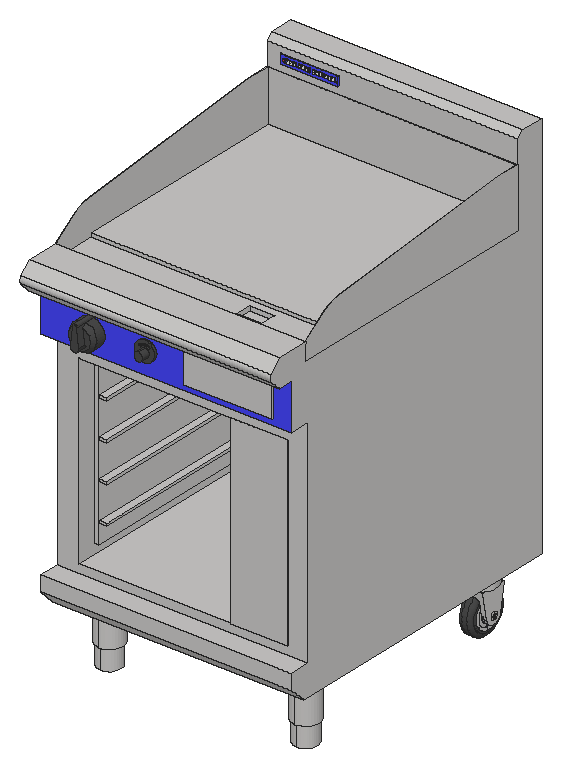
Revit family "QF_MOFFAT_BLUESEAL_CE_GP514-CB", category Specialty Equipment, Revit 2012
Parameters
  Weight in Pounds = 293  # constant formula
  Width [instance] = 600.00 mm
  URL Cutsheet = "www.moffat.com"
  URL = "www.moffat.com"
  Type Mark [instance] = ""
  Status [instance] = ""
  Specification by User [instance] = ""
  Specification by Manufacturer = ""
  Show Logo [instance] = yes
  Show Casters [instance] = yes
  Serial Number = ""
  Seismic Rating = ""
  SMACNA No = ""
  Revision Code [instance] = ""
  Omniclass Number and Title = ""
  NAFEM Spec ID Number = ""
  Model = "GP514-CB"
  Mechanical Remarks = ""
  Mechanical Connection Type = ""
  Masterspec = ""
  Manufacturer = "MOFFAT BLUESEAL"
  Legs [instance] = not(Show Casters)  # no
  Item Number [instance] = ""
  Installed By [instance] = ""
  Identify Quantity as Lot [instance] = yes
  Height = 1085.00 mm  # constant formula
  Gas Size = 3/4"
  Gas RI Height [instance] = 0.00 mm
  Gas KW = 14.9
  Gas Input = 50234.0 Btu/h
  Gas Connection Height = 0.00 mm
  Furnished By [instance] = ""
  Foodservice Equipment Identifier [instance] = yes
  Description = "600MM GAS GRIDDLE PLATE ON CABINET BASE"
  Depth [instance] = 812.00 mm  # constant formula
  CSI MasterFormat = ""
  CSI Master Format = ""
  Back Splash [instance] = 215.00 mm  # constant formula
Reference planes
  plane 1 "BACK": y = 0
  plane 2: z = 0
  plane 3 "LEFT": x = 0
  plane 4 "RIGHT": x = 600
  plane 5 "FRONT": y = -812
  plane 6 "TOP": z = 970
  plane 7 "Center Y": x = 300
  plane 8 "Center X": y = -406
  plane 9 "Base Height": z = 150
  plane 10: z = 915
  plane 11: x = 65
  plane 12: y = -625
  plane 13: y = -100
  plane 14: z = 655
  plane 15: y = -32
  plane 16: z = 1085
  plane 17: x = 535
Forms (mm)
  Extrusion 1, solid, material "QF_Finishes_Stainless Steel"
    sketch origin (0, 0, 0) x (0, 1, 0) y (0, 0, 1)
      loop
        line (-100, 150) -> (0, 150) -> (0, 1085) -> (-57.5, 1085) -> (-70, 1072.5) -> (-70, 875) -> (-705, 875) -> (-705, 915) -> (-783.97, 915) -> (-808.485, 890.485)
        arc (-808.485, 890.485) -> (-811.999, 882) -> (-808.485, 873.515) r 12
        line (-808.485, 873.515) -> (-784.97, 850) -> (-749, 850) -> (-749, 740) -> (-100, 740) -> (-100, 150)
      loop
        line (-749, 186) -> (-713, 150) -> (-699, 150) -> (-699, 222.5) -> (-749, 222.5) -> (-749, 186)
    from 0 to 600
  Revolve 2, solid, material "QF_Finishes_Stainless Steel", visible <- "Legs"
    sketch origin (533.871, -210, 0) x (0, 1, 0) y (0, 0, -1)
      loop
        line (78.25, -150) -> (110, -150) -> (110, 0) -> (82.5, 0) -> (82.5, -50) -> (78.25, -50) -> (78.25, -150)
      axis (110, -150) -> (110, 0)
    angle from 0 to 360
  Revolve 3, solid, material "QF_Finishes_Stainless Steel"
    sketch origin (535, -735, 0) x (0, 1, 0) y (0, 0, -1)
      loop
        line (78.25, -150) -> (110, -150) -> (110, 0) -> (82.5, 0) -> (82.5, -50) -> (78.25, -50) -> (78.25, -150)
      axis (110, -150) -> (110, 0)
    angle from 0 to 360
  Revolve 4, solid, material "QF_Finishes_Stainless Steel", visible <- "Legs"
    sketch origin (65, -210, 0) x (0, 1, 0) y (0, 0, -1)
      loop
        line (78.25, -150) -> (110, -150) -> (110, 0) -> (82.5, 0) -> (82.5, -50) -> (78.25, -50) -> (78.25, -150)
      axis (110, -150) -> (110, 0)
    angle from 0 to 360
  Revolve 5, solid, material "QF_Finishes_Stainless Steel"
    sketch origin (65, -735, 0) x (0, 1, 0) y (0, 0, -1)
      loop
        line (78.25, -150) -> (110, -150) -> (110, 0) -> (82.5, 0) -> (82.5, -50) -> (78.25, -50) -> (78.25, -150)
      axis (110, -150) -> (110, 0)
    angle from 0 to 360
  Revolve 6, solid, material "QF_Finishes_Black"
    sketch origin (127.677, 7, 597.816) x (0, 1, 0) y (0, 0, -1)
      loop
        line (-789, -229.5) -> (-766, -229.5) -> (-766, -202) -> (-756, -202) -> (-756, -197) -> (-800, -197) -> (-800, -223.651) -> (-789, -229.5)
      axis (-800, -197) -> (-756, -197)
    angle from 0 to 360
  Extrusion 7, solid, material "QF_Finishes_Black"
    sketch origin (265.947, 0, 597.973) x (-1, 0, 0) y (0, 0, -1)
      loop
        line (143.2, -228.94) -> (148.689, -184.854)
        arc (148.689, -184.854) -> (137.617, -174.355) -> (127.782, -186.021) r 10.487
        line (127.782, -186.021) -> (133.203, -228.94)
        arc (133.203, -228.94) -> (138.201, -233.827) -> (143.2, -228.94) r 5
    from 759 to 808
  Extrusion 8, solid, material "QF_Finishes_Stainless Steel"
    sketch origin (-150, -699, 685) x (1, 0, 0) y (0, -1, 0)
      loop
        circle (620, -668) r 9.525
    from -55 to 30
  Extrusion 9, solid, material "QF_Finishes_Stainless Steel"
    sketch origin (0, -100, 685) x (0, 0, 1) y (-1, 0, 0)
      loop
        line (-535, 0) -> (-535, -600) -> (55, -600) -> (55, 0) -> (-535, 0)
      loop
        line (0, -50) -> (-442.5, -50) -> (-442.5, -550) -> (0, -550) -> (0, -50)
    from 0 to 599
  Extrusion 10, solid, material "QF_Finishes_Stainless Steel"
    sketch origin (0, -100, 685) x (0, 0, 1) y (-1, 0, 0)
      loop
        line (-280.675, -61.8) -> (-280.675, -80.8) -> (-274.325, -80.8) -> (-274.325, -61.8) -> (-280.675, -61.8)
      loop
        line (-184.325, -80.8) -> (-184.325, -61.8) -> (-190.675, -61.8) -> (-190.675, -80.8) -> (-184.325, -80.8)
      loop
        line (-370.675, -61.8) -> (-370.675, -80.8) -> (-364.325, -80.8) -> (-364.325, -61.8) -> (-370.675, -61.8)
      loop
        line (-94.325, -80.8) -> (-94.325, -61.8) -> (-100.675, -61.8) -> (-100.675, -80.8) -> (-94.325, -80.8)
      loop
        line (-280.675, -403.2) -> (-274.325, -403.2) -> (-274.325, -384.2) -> (-280.675, -384.2) -> (-280.675, -403.2)
      loop
        line (-184.325, -384.2) -> (-190.675, -384.2) -> (-190.675, -403.2) -> (-184.325, -403.2) -> (-184.325, -384.2)
      loop
        line (-370.675, -403.2) -> (-364.325, -403.2) -> (-364.325, -384.2) -> (-370.675, -384.2) -> (-370.675, -403.2)
      loop
        line (-94.325, -384.2) -> (-100.675, -384.2) -> (-100.675, -403.2) -> (-94.325, -403.2) -> (-94.325, -384.2)
    from 0 to 554
  Extrusion 11, void
    sketch origin (-150, 0, 150) x (-1, 0, 0) y (0, -1, 0)
      loop
        line (-685.614, 87.26) -> (-685.614, -30.24) -> (-481.114, -30.24) -> (-481.114, 38.76) -> (-529.614, 87.26) -> (-685.614, 87.26)
    from 72.5 to 590
  Revolve 12, solid, material "QF_Finishes_Stainless Steel", visible <- "Legs"
    sketch origin (65, -165, 0) x (0, 1, 0) y (0, 0, 1)
      loop
        line (34.25, 150) -> (34.25, 50) -> (38.5, 50) -> (38.5, 0) -> (66, 0) -> (66, 150) -> (34.25, 150)
      axis (66, 150) -> (66, 0)
    angle from 0 to 360
  Revolve 13, solid, material "QF_Finishes_Stainless Steel", visible <- "Legs"
    sketch origin (534.871, -165, 0) x (0, 1, 0) y (0, 0, -1)
      loop
        line (34.25, -150) -> (66, -150) -> (66, 0) -> (38.5, 0) -> (38.5, -50) -> (34.25, -50) -> (34.25, -150)
      axis (66, -150) -> (66, 0)
    angle from 0 to 360
  Revolve 14, solid, material "QF_Finishes_Stainless Steel", visible <- "Show Casters"
    sketch origin (15.776, -99.755, -13.653) x (1, 0, 0) y (0, 0, 1)
      loop
        line (14.841, 63.604) -> (83.584, 63.604) -> (83.584, 67.109) -> (82.314, 68.379) -> (80.79, 68.379) -> (80.79, 71.826) -> (68.644, 71.826) -> (68.644, 81.79) -> (65.088, 83.843) -> (63.738, 92.179) -> (65.881, 92.179) -> (65.881, 98.529) -> (65.088, 98.529) -> (65.088, 104.879)
        arc (65.088, 104.879) -> (62.298, 111.614) -> (55.563, 114.404) r 9.525
        line (55.563, 114.404) -> (42.863, 114.404)
        arc (42.863, 114.404) -> (36.127, 111.614) -> (33.338, 104.879) r 9.525
        line (33.338, 104.879) -> (33.338, 98.529) -> (32.544, 98.529) -> (32.544, 92.179) -> (34.687, 92.179) -> (33.352, 83.932) -> (29.782, 81.871) -> (29.782, 71.826) -> (17.635, 71.826) -> (17.635, 68.379) -> (16.111, 68.379) -> (14.841, 67.109) -> (14.841, 63.604)
      axis (14.841, 63.604) -> (83.584, 63.604)
    angle from 0 to 360
  Extrusion 15, solid, material "QF_Finishes_Stainless Steel", visible <- "Show Casters"
    sketch origin (71.501, 133.353, -8.783) x (0, 1, 0) y (0, 0, 1)
      loop
        line (-200.603, 118.783) -> (-264.103, 118.783) -> (-251.746, 53.895)
        arc (-251.746, 53.895) -> (-232.353, 38.783) -> (-212.959, 53.895) r 20
        line (-212.959, 53.895) -> (-200.603, 118.783)
    from -35.667 to 22.923
  Revolve 16, solid, material "QF_Finishes_Stainless Steel", visible <- "Show Casters"
    sketch origin (65, -203, 0) x (0, 1, 0) y (0, 0, 1)
      loop
        line (68.25, 150) -> (68.25, 110) -> (104, 110) -> (104, 150) -> (68.25, 150)
      axis (104, 150) -> (104, 110)
    angle from 0 to 360
  Revolve 17, solid, material "QF_Finishes_Stainless Steel", visible <- "Legs"
    sketch origin (65, -165, 0) x (0, 1, 0) y (0, 0, 1)
      loop
        line (34.25, 150) -> (34.25, 50) -> (38.5, 50) -> (38.5, 0) -> (66, 0) -> (66, 150) -> (34.25, 150)
      axis (66, 150) -> (66, 0)
    angle from 0 to 360
  Revolve 18, solid, material "QF_Finishes_Stainless Steel", visible <- "Show Casters"
    sketch origin (335.648, -99.755, -13.653) x (1, 0, 0) y (0, 0, 1)
      loop
        line (164.841, 63.604) -> (233.584, 63.604) -> (233.584, 67.109) -> (232.314, 68.379) -> (230.79, 68.379) -> (230.79, 71.826) -> (218.644, 71.826) -> (218.644, 81.79) -> (215.088, 83.843) -> (213.738, 92.179) -> (215.881, 92.179) -> (215.881, 98.529) -> (215.088, 98.529) -> (215.088, 104.879)
        arc (215.088, 104.879) -> (212.298, 111.614) -> (205.563, 114.404) r 9.525
        line (205.563, 114.404) -> (192.863, 114.404)
        arc (192.863, 114.404) -> (186.127, 111.614) -> (183.338, 104.879) r 9.525
        line (183.338, 104.879) -> (183.338, 98.529) -> (182.544, 98.529) -> (182.544, 92.179) -> (184.687, 92.179) -> (183.352, 83.932) -> (179.782, 81.871) -> (179.782, 71.826) -> (167.635, 71.826) -> (167.635, 68.379) -> (166.111, 68.379) -> (164.841, 67.109) -> (164.841, 63.604)
      axis (233.584, 63.604) -> (164.841, 63.604)
    angle from 0 to 360
  Extrusion 19, solid, material "QF_Finishes_Stainless Steel", visible <- "Show Casters"
    sketch origin (541.372, 133.353, -8.783) x (0, 1, 0) y (0, 0, 1)
      loop
        line (-200.603, 118.783) -> (-264.103, 118.783) -> (-251.746, 53.895)
        arc (-251.746, 53.895) -> (-232.353, 38.783) -> (-212.959, 53.895) r 20
        line (-212.959, 53.895) -> (-200.603, 118.783)
    from -35.667 to 22.923
  Revolve 20, solid, material "QF_Finishes_Stainless Steel", visible <- "Show Casters"
    sketch origin (534.871, -203, 0) x (0, 1, 0) y (0, 0, 1)
      loop
        line (68.25, 150) -> (68.25, 110) -> (104, 110) -> (104, 150) -> (68.25, 150)
      axis (104, 150) -> (104, 110)
    angle from 0 to 360
  Extrusion 21, solid, material "QF_Finishes_Stainless Steel"
    sketch origin (0, 0, 0) x (1, 0, 0) y (0, 0, 1)
      loop
        line (61.8, 657.5) -> (50, 657.5) -> (50, 267.5) -> (61.8, 267.5) -> (61.8, 657.5)
      loop
        line (403.2, 657.5) -> (403.2, 267.5) -> (415, 267.5) -> (415, 657.5) -> (403.2, 657.5)
    from 0 to 654
  Extrusion 22, solid, material "QF_Finishes_Black"
    sketch origin (-57.5, -749, 864.021) x (0, 0, -1) y (1, 0, 0)
      loop
        circle (70, 310) r 24
      loop
        arc (60.1, 324.913) -> (52.064, 310.125) -> (59.882, 295.219) r 17.868
        arc (59.882, 295.219) -> (60.362, 294.934) -> (60.877, 295.149) r 0.621
        arc (60.877, 295.149) -> (62.314, 297.708) -> (62.658, 300.622) r 7.495
        arc (62.658, 300.622) -> (62.454, 301.55) -> (62.006, 302.388) r 3.472
        arc (62.006, 302.388) -> (59.714, 309.851) -> (61.844, 317.362) r 13.786
        arc (61.844, 317.362) -> (62.484, 318.632) -> (62.749, 320.028) r 5.101
        arc (62.749, 320.028) -> (62.378, 322.547) -> (61.084, 324.739) r 6.611
        arc (61.084, 324.739) -> (60.622, 324.997) -> (60.1, 324.913) r 0.806
    from 0 to 5
  Extrusion 23, solid, material "QF_Finishes_Black"
    sketch origin (-57.5, -754, 864.021) x (0, 0, -1) y (1, 0, 0)
      loop
        circle (73.5, 310) r 10
    from 0 to 18.251
  Extrusion 24, solid, material "QF_Finishes_Stainless Steel"
    sketch origin (450, -749, 867.771) x (0, 0, -1) y (1, 0, 0)
      loop
        line (26.5, -105) -> (113.5, -105) -> (113.5, 105) -> (26.5, 105) -> (26.5, -105)
    from 0 to 2.5
  Extrusion 25, solid, material "QF_Finishes_Stainless Steel"
    sketch origin (450, 0, 1.771) x (0, -1, 0) y (0, 0, 1)
      loop
        line (751.5, 839.5) -> (751.5, 837) -> (769.695, 837) -> (769.695, 839.5) -> (751.5, 839.5)
    from -105 to 105
  Extrusion 26, solid, material "QF_Finishes_Stainless Steel"
    sketch origin (0, -749, 850) x (0, 0, -1) y (1, 0, 0)
      loop
        line (607.5, 550) -> (165, 550) -> (165, 414.5) -> (607.5, 414.5) -> (607.5, 550)
    from -50 to -649
Cuts and joins
  Extrusion 11 cuts Extrusion 1
  joined: Extrusion 1, Extrusion 9
Lines and regions (mm)
  Split face 1
    outline origin (600, 0, 1085) x (-1, 0, 0) y (0, -1, 0)
      loop
        arc (335.206, 45.385) -> (326.545, 40.385) -> (326.545, 30.385) r 10
        line (326.545, 30.385) -> (330.587, 23.385)
        arc (330.587, 23.385) -> (334.247, 19.725) -> (339.247, 18.385) r 10
        line (339.247, 18.385) -> (567.206, 18.385)
        arc (567.206, 18.385) -> (575.866, 23.385) -> (575.866, 33.385) r 10
        line (575.866, 33.385) -> (571.824, 40.385)
        arc (571.824, 40.385) -> (568.164, 44.045) -> (563.164, 45.385) r 10
        line (563.164, 45.385) -> (335.206, 45.385)
  Split face 2
    outline origin (600, 0, 1085) x (-1, 0, 0) y (0, -1, 0)
      loop
        arc (35.206, 45.385) -> (26.545, 40.385) -> (26.545, 30.385) r 10
        line (26.545, 30.385) -> (30.587, 23.385)
        arc (30.587, 23.385) -> (34.247, 19.725) -> (39.247, 18.385) r 10
        line (39.247, 18.385) -> (267.206, 18.385)
        arc (267.206, 18.385) -> (275.866, 23.385) -> (275.866, 33.385) r 10
        line (275.866, 33.385) -> (271.824, 40.385)
        arc (271.824, 40.385) -> (268.164, 44.045) -> (263.164, 45.385) r 10
        line (263.164, 45.385) -> (35.206, 45.385)
  symbolic lines
    curve 1: line (0, 0, 0) -> (0, -812, 0)
    curve 2: line (600, 0, 0) -> (0, 0, 0)
    curve 3: line (600, -812, 0) -> (600, 0, 0)
    curve 4: line (0, -812, 0) -> (600, -812, 0)
    curve 9: line (0, -57.5, 150) -> (600, -57.5, 150)
    curve 10: line (0, -70, 150) -> (600, -70, 150)
    curve 11: line (0, -783.97, 150) -> (600, -783.97, 150)
    curve 12: line (260.753, -18.385, 150) -> (32.794, -18.385, 150)
    curve 13: arc (32.794, -18.385, 150) -> (24.134, -23.385, 150) -> (24.134, -33.385, 150) r 10
    curve 14: line (24.134, -33.385, 150) -> (28.176, -40.385, 150)
    curve 15: arc (28.176, -40.385, 150) -> (31.836, -44.045, 150) -> (36.836, -45.385, 150) r 10
    curve 16: line (36.836, -45.385, 150) -> (264.794, -45.385, 150)
    curve 17: arc (264.794, -45.385, 150) -> (273.455, -40.385, 150) -> (273.455, -30.385, 150) r 10
    curve 18: line (273.455, -30.385, 150) -> (269.413, -23.385, 150)
    curve 19: arc (269.413, -23.385, 150) -> (265.753, -19.725, 150) -> (260.753, -18.385, 150) r 10
    curve 20: line (560.753, -18.385, 150) -> (332.794, -18.385, 150)
    curve 21: arc (332.794, -18.385, 150) -> (324.134, -23.385, 150) -> (324.134, -33.385, 150) r 10
    curve 22: line (324.134, -33.385, 150) -> (328.176, -40.385, 150)
    curve 23: arc (328.176, -40.385, 150) -> (331.836, -44.045, 150) -> (336.836, -45.385, 150) r 10
    curve 24: line (336.836, -45.385, 150) -> (564.794, -45.385, 150)
    curve 25: arc (564.794, -45.385, 150) -> (573.455, -40.385, 150) -> (573.455, -30.385, 150) r 10
    curve 26: line (573.455, -30.385, 150) -> (569.413, -23.385, 150)
    curve 27: arc (569.413, -23.385, 150) -> (565.753, -19.725, 150) -> (560.753, -18.385, 150) r 10
  symbolic lines, style "SpecialityEquipmentHiddenLines", visible <- "Show Casters"
    curve 5: line (78.456, -46.735, 0) -> (105.952, -62.61, 0)
    curve 6: line (27.656, -134.723, 0) -> (78.456, -46.735, 0)
    curve 7: line (55.152, -150.598, 0) -> (27.656, -134.723, 0)
    curve 8: line (105.952, -62.61, 0) -> (55.152, -150.598, 0)
Dimensions and locks
  equal spacing: plane 3 "LEFT", plane 7 "Center Y", plane 4 "RIGHT"
  "Width": plane 3 "LEFT" to plane 4 "RIGHT"
  equal spacing: plane 5 "FRONT", plane 8 "Center X", plane 1 "BACK"
  "Depth": plane 5 "FRONT" to plane 1 "BACK"
  locked: plane 10 to level at 915
  locked: plane 9 "Base Height" to level at 150
  plane 6 "TOP" to plane 10 = 55.00 mm
  plane 12 to plane 13 = 525.00 mm
  plane 14 to level = 655.00 mm
  plane 15 to plane 1 "BACK" = 32.00 mm
  "Height": plane 16 to plane 2
  Revolve 14 sketch curve to Revolve 14 sketch curve = 50.80 mm
  Revolve 18 sketch curve to Revolve 18 sketch curve = 50.80 mm
  Extrusion 8 sketch curve to plane 1 "BACK" = 31.00 mm
  aligned and locked: level to plane 2
Automatic sketch dimensions
  Extrusion 1 sketch curve to plane 10 = 0.00 mm
  Extrusion 1 sketch curve to plane 9 "Base Height" = 0.00 mm  (x2)
  Extrusion 1 sketch curve to plane 13 = 0.00 mm
  Extrusion 1 sketch curve to plane 16 = 0.00 mm
  Extrusion 1 sketch curve to plane 1 "BACK" = 0.00 mm
  Extrusion 1 sketch curve to plane 12 = 74.00 mm
  Extrusion 1 sketch curve to plane 10 = 40.00 mm
  Extrusion 1 sketch curve to plane 12 = 80.00 mm
  Extrusion 1 sketch curve to Extrusion 1 sketch curve = 14.00 mm
  Extrusion 1 sketch curve to Extrusion 1 sketch curve = 36.00 mm
  Extrusion 1 sketch curve to plane 5 "FRONT" = 63.00 mm
  Extrusion 1 sketch curve to plane 5 "FRONT" = 28.03 mm
  Extrusion 1 sketch curve to plane 5 "FRONT" = 27.03 mm
  Extrusion 1 sketch curve to plane 5 "FRONT" = 12.001 mm
  Extrusion 1 sketch curve to plane 5 "FRONT" = 3.515 mm  (x2)
  plane 13 to Extrusion 1 sketch curve = 30.00 mm
  Extrusion 1 sketch curve to Extrusion 1 sketch curve = 12.50 mm
  plane 9 "Base Height" to Extrusion 1 sketch curve = 36.00 mm
  Extrusion 1 sketch curve to Extrusion 1 sketch curve = 36.50 mm
  plane 14 to Extrusion 1 sketch curve = 85.00 mm
  Extrusion 1 sketch curve to Extrusion 1 sketch curve = 25.00 mm
  Extrusion 1 sketch curve to Extrusion 1 sketch curve = 23.515 mm
  Extrusion 1 sketch curve to Extrusion 1 sketch curve = 8.485 mm
  Extrusion 1 sketch curve to plane 16 = 12.50 mm
  Revolve 2 sketch curve to plane 9 "Base Height" = 0.00 mm
  Revolve 2 sketch curve to level = 0.00 mm
  Revolve 2 sketch curve to plane 13 = 0.00 mm  (x2)
  Revolve 2 sketch curve to plane 13 = 27.50 mm
  Revolve 2 sketch curve to plane 13 = 31.75 mm
  level to Revolve 2 sketch curve = 50.00 mm
  Revolve 2 sketch curve to Revolve 2 sketch curve = 0.00 mm
  Revolve 2 sketch curve to Revolve 2 sketch curve = 55.00 mm
  Revolve 3 sketch curve to plane 9 "Base Height" = 0.00 mm
  Revolve 3 sketch curve to level = 0.00 mm
  Revolve 3 sketch curve to plane 12 = 0.00 mm  (x2)
  Revolve 3 sketch curve to plane 12 = 27.50 mm
  Revolve 3 sketch curve to plane 12 = 31.75 mm
  level to Revolve 3 sketch curve = 50.00 mm
  Revolve 3 sketch curve to Revolve 3 sketch curve = 0.00 mm
  Revolve 3 sketch curve to Revolve 3 sketch curve = 55.00 mm
  Revolve 4 sketch curve to plane 9 "Base Height" = 0.00 mm
  Revolve 4 sketch curve to level = 0.00 mm
  Revolve 4 sketch curve to plane 13 = 0.00 mm  (x2)
  Revolve 4 sketch curve to plane 13 = 27.50 mm
  Revolve 4 sketch curve to plane 13 = 31.75 mm
  level to Revolve 4 sketch curve = 50.00 mm
  Revolve 4 sketch curve to Revolve 4 sketch curve = 0.00 mm
  Revolve 4 sketch curve to Revolve 4 sketch curve = 55.00 mm
  Revolve 5 sketch curve to plane 9 "Base Height" = 0.00 mm
  Revolve 5 sketch curve to level = 0.00 mm
  Revolve 5 sketch curve to plane 12 = 0.00 mm  (x2)
  Revolve 5 sketch curve to plane 12 = 27.50 mm
  Revolve 5 sketch curve to plane 12 = 31.75 mm
  level to Revolve 5 sketch curve = 50.00 mm
  Revolve 5 sketch curve to Revolve 5 sketch curve = 0.00 mm
  Revolve 5 sketch curve to Revolve 5 sketch curve = 55.00 mm
  Revolve 6 sketch curve to plane 5 "FRONT" = 19.00 mm
  Revolve 6 sketch curve to Revolve 6 sketch curve = 0.00 mm  (x2)
  Revolve 6 sketch curve to Revolve 6 sketch curve = 11.00 mm
  Revolve 6 sketch curve to Revolve 6 sketch curve = 12.70 mm
  Revolve 6 sketch curve to Revolve 6 sketch curve = 23.00 mm
  Revolve 6 sketch curve to Revolve 6 sketch curve = 10.00 mm
  Revolve 6 sketch curve to plane 10 = 87.684 mm
  Revolve 6 sketch curve to Revolve 6 sketch curve = 5.849 mm
  Revolve 6 sketch curve to Revolve 6 sketch curve = 27.50 mm
  Revolve 6 sketch curve to Revolve 6 sketch curve = 5.00 mm
  plane 11 to Extrusion 7 sketch curve = 73.165 mm
  Extrusion 7 sketch curve to Extrusion 7 sketch curve = 5.421 mm
  Extrusion 7 sketch curve to Extrusion 7 sketch curve = 4.999 mm  (x2)
  Extrusion 7 sketch curve to Extrusion 7 sketch curve = 10.419 mm
  Extrusion 7 sketch curve to Extrusion 7 sketch curve = 10.487 mm
  Extrusion 7 sketch curve to plane 10 = 88.087 mm
  Extrusion 7 sketch curve to Extrusion 7 sketch curve = 0.113 mm
  Extrusion 7 sketch curve to Extrusion 7 sketch curve = 42.919 mm
  Extrusion 7 sketch curve to Extrusion 7 sketch curve = 1.167 mm
  Extrusion 11 sketch curve to plane 15 = 6.76 mm
  Extrusion 11 sketch curve to plane 1 "BACK" = 30.24 mm
  plane 13 to Extrusion 11 sketch curve = 12.74 mm
  Revolve 12 sketch curve to plane 9 "Base Height" = 0.00 mm
  Revolve 12 sketch curve to level = 0.00 mm
  Revolve 12 sketch curve to plane 13 = 30.75 mm
  Revolve 12 sketch curve to plane 13 = 26.50 mm
  plane 13 to Revolve 12 sketch curve = 1.00 mm  (x2)
  Revolve 12 sketch curve to Revolve 12 sketch curve = 55.00 mm
  level to Revolve 12 sketch curve = 50.00 mm
  Revolve 12 sketch curve to Revolve 12 sketch curve = 0.00 mm
  Revolve 13 sketch curve to plane 9 "Base Height" = 0.00 mm
  Revolve 13 sketch curve to level = 0.00 mm
  Revolve 13 sketch curve to plane 13 = 30.75 mm
  Revolve 13 sketch curve to plane 13 = 26.50 mm
  plane 13 to Revolve 13 sketch curve = 1.00 mm  (x2)
  level to Revolve 13 sketch curve = 50.00 mm
  Revolve 13 sketch curve to Revolve 13 sketch curve = 0.00 mm
  Revolve 13 sketch curve to Revolve 13 sketch curve = 55.00 mm
  plane 3 "LEFT" to Revolve 14 sketch curve = 30.618 mm
  Revolve 14 sketch curve to Revolve 14 sketch curve = 1.27 mm  (x4)
  Revolve 14 sketch curve to Revolve 14 sketch curve = 1.524 mm  (x2)
  Revolve 14 sketch curve to Revolve 14 sketch curve = 12.146 mm  (x2)
  Revolve 14 sketch curve to plane 11 = 16.68 mm
  Revolve 14 sketch curve to Revolve 14 sketch curve = 0.794 mm  (x2)
  Revolve 14 sketch curve to Revolve 14 sketch curve = 3.57 mm
  Revolve 14 sketch curve to Revolve 14 sketch curve = 2.143 mm
  Revolve 14 sketch curve to plane 11 = 6.361 mm
  plane 11 to Revolve 14 sketch curve = 5.13 mm
  plane 11 to Revolve 14 sketch curve = 6.339 mm
  plane 11 to Revolve 14 sketch curve = 14.515 mm
  Revolve 14 sketch curve to Revolve 14 sketch curve = 1.349 mm  (x2)
  Revolve 14 sketch curve to Revolve 14 sketch curve = 3.556 mm
  Revolve 14 sketch curve to Revolve 14 sketch curve = 33.32 mm
  level to Revolve 14 sketch curve = 49.952 mm
  Revolve 14 sketch curve to Revolve 14 sketch curve = 0.00 mm
  Revolve 14 sketch curve to Revolve 14 sketch curve = 3.505 mm  (x2)
  Revolve 14 sketch curve to Revolve 14 sketch curve = 3.447 mm  (x2)
  Revolve 14 sketch curve to Revolve 14 sketch curve = 9.964 mm
  Revolve 14 sketch curve to Revolve 14 sketch curve = 10.045 mm
  Revolve 14 sketch curve to Revolve 14 sketch curve = 2.053 mm
  Revolve 14 sketch curve to Revolve 14 sketch curve = 2.061 mm
  Revolve 14 sketch curve to Revolve 14 sketch curve = 8.247 mm
  Revolve 14 sketch curve to Revolve 14 sketch curve = 8.336 mm
  Revolve 14 sketch curve to Revolve 14 sketch curve = 6.35 mm  (x2)
  Extrusion 15 sketch curve to plane 13 = 30.75 mm
  Extrusion 15 sketch curve to plane 13 = 18.393 mm
  plane 13 to Extrusion 15 sketch curve = 1.00 mm
  Extrusion 15 sketch curve to Extrusion 15 sketch curve = 19.393 mm
  plane 13 to Extrusion 15 sketch curve = 32.75 mm
  level to Extrusion 15 sketch curve = 45.111 mm
  Extrusion 15 sketch curve to Extrusion 15 sketch curve = 4.889 mm
  Extrusion 15 sketch curve to plane 9 "Base Height" = 40.00 mm
  Revolve 16 sketch curve to plane 9 "Base Height" = 0.00 mm
  Revolve 16 sketch curve to plane 13 = 34.75 mm
  plane 13 to Revolve 16 sketch curve = 1.00 mm  (x2)
  Revolve 16 sketch curve to plane 9 "Base Height" = 40.00 mm
  level to Revolve 16 sketch curve = 50.00 mm
  Revolve 16 sketch curve to level = 55.00 mm
  Revolve 17 sketch curve to plane 9 "Base Height" = 0.00 mm
  Revolve 17 sketch curve to level = 0.00 mm
  Revolve 17 sketch curve to plane 13 = 30.75 mm
  Revolve 17 sketch curve to plane 13 = 26.50 mm
  plane 13 to Revolve 17 sketch curve = 1.00 mm  (x2)
  Revolve 17 sketch curve to Revolve 17 sketch curve = 55.00 mm
  level to Revolve 17 sketch curve = 50.00 mm
  Revolve 17 sketch curve to Revolve 17 sketch curve = 0.00 mm
  Revolve 18 sketch curve to Revolve 18 sketch curve = 1.27 mm  (x4)
  Revolve 18 sketch curve to Revolve 18 sketch curve = 1.524 mm  (x2)
  Revolve 18 sketch curve to Revolve 18 sketch curve = 12.146 mm  (x2)
  Revolve 18 sketch curve to Revolve 18 sketch curve = 0.794 mm  (x2)
  Revolve 18 sketch curve to Revolve 18 sketch curve = 3.57 mm
  Revolve 18 sketch curve to Revolve 18 sketch curve = 2.143 mm
  Revolve 18 sketch curve to Revolve 18 sketch curve = 8.176 mm
  Revolve 18 sketch curve to Revolve 18 sketch curve = 1.349 mm  (x2)
  Revolve 18 sketch curve to Revolve 18 sketch curve = 3.556 mm
  plane 4 "RIGHT" to Revolve 18 sketch curve = 147.449 mm
  level to Revolve 18 sketch curve = 49.952 mm
  Revolve 18 sketch curve to Revolve 18 sketch curve = 0.00 mm
  Revolve 18 sketch curve to Revolve 18 sketch curve = 3.505 mm  (x2)
  Revolve 18 sketch curve to Revolve 18 sketch curve = 3.447 mm  (x2)
  Revolve 18 sketch curve to Revolve 18 sketch curve = 9.964 mm
  Revolve 18 sketch curve to Revolve 18 sketch curve = 10.045 mm
  Revolve 18 sketch curve to Revolve 18 sketch curve = 2.053 mm
  Revolve 18 sketch curve to Revolve 18 sketch curve = 2.061 mm
  Revolve 18 sketch curve to Revolve 18 sketch curve = 8.247 mm
  Revolve 18 sketch curve to Revolve 18 sketch curve = 8.336 mm
  Revolve 18 sketch curve to Revolve 18 sketch curve = 6.35 mm  (x2)
  Extrusion 19 sketch curve to plane 13 = 30.75 mm
  Extrusion 19 sketch curve to plane 13 = 18.393 mm
  plane 13 to Extrusion 19 sketch curve = 1.00 mm
  Extrusion 19 sketch curve to Extrusion 19 sketch curve = 19.393 mm
  plane 13 to Extrusion 19 sketch curve = 32.75 mm
  level to Extrusion 19 sketch curve = 45.111 mm
  Extrusion 19 sketch curve to Extrusion 19 sketch curve = 4.889 mm
  Extrusion 19 sketch curve to plane 9 "Base Height" = 40.00 mm
  Revolve 20 sketch curve to plane 9 "Base Height" = 0.00 mm
  Revolve 20 sketch curve to plane 13 = 34.75 mm
  plane 13 to Revolve 20 sketch curve = 1.00 mm  (x2)
  Revolve 20 sketch curve to plane 9 "Base Height" = 40.00 mm
  level to Revolve 20 sketch curve = 50.00 mm
  Revolve 20 sketch curve to level = 55.00 mm
  curve 9 to plane 4 "RIGHT" = 0.00 mm
  curve 10 to plane 4 "RIGHT" = 0.00 mm
  curve 11 to plane 4 "RIGHT" = 0.00 mm
  curve 10 to plane 3 "LEFT" = 0.00 mm
  curve 9 to plane 3 "LEFT" = 0.00 mm
  curve 11 to plane 3 "LEFT" = 0.00 mm
  curve 9 to plane 15 = 25.50 mm
  curve 9 to curve 10 = 12.50 mm
  curve 11 to plane 5 "FRONT" = 28.03 mm
  Revolve 18 sketch curve to Revolve 18 sketch curve = 0.808 mm
  Revolve 18 sketch curve to Revolve 18 sketch curve = 9.525 mm
  Revolve 18 sketch curve to Revolve 18 sketch curve = 24.572 mm
  Revolve 18 sketch curve to Revolve 18 sketch curve = 12.70 mm
  curve 1 to plane 3 "LEFT" = 0.00 mm
  plane 1 "BACK" to curve 2 = 0.00 mm
  curve 2 to plane 4 "RIGHT" = 0.00 mm
  plane 5 "FRONT" to curve 1 = 0.00 mm
  plane 3 "LEFT" to curve 6 = 27.656 mm
  curve 7 to plane 11 = 9.848 mm
  plane 11 to curve 6 = 13.456 mm
  curve 8 to plane 13 = 50.598 mm
  curve 7 to curve 6 = 15.875 mm
  plane 4 "RIGHT" to Extrusion 8 sketch curve = 130.00 mm
  plane 4 "RIGHT" to Extrusion 11 sketch curve = 64.386 mm
  plane 7 "Center Y" to Extrusion 11 sketch curve = 79.614 mm
  plane 7 "Center Y" to Extrusion 11 sketch curve = 31.114 mm
  Revolve 18 sketch curve to Revolve 18 sketch curve = 47.937 mm
  plane 14 to Extrusion 21 sketch curve = 2.50 mm  (x2)
  Extrusion 21 sketch curve to plane 11 = 15.00 mm
  Extrusion 21 sketch curve to plane 11 = 3.20 mm
  plane 17 to Extrusion 21 sketch curve = 131.80 mm
  Extrusion 21 sketch curve to Extrusion 21 sketch curve = 11.80 mm
  plane 9 "Base Height" to Extrusion 21 sketch curve = 117.50 mm  (x2)
  Extrusion 1 to Extrusion 10 sketch curve = 61.80 mm
  Extrusion 1 to Extrusion 10 sketch curve = 164.325 mm  (x2)
  Extrusion 1 to Extrusion 10 sketch curve = 196.80 mm  (x4)
  Extrusion 10 sketch curve to Extrusion 10 sketch curve = 6.35 mm  (x8)
  Extrusion 10 sketch curve to Extrusion 10 sketch curve = 83.65 mm  (x6)
  Extrusion 10 sketch curve to Extrusion 10 sketch curve = 19.00 mm  (x8)
  Extrusion 1 to Extrusion 10 sketch curve = 80.80 mm
  Extrusion 10 sketch curve to Extrusion 10 sketch curve = 0.00 mm  (x2)
  Extrusion 22 sketch curve to plane 7 "Center Y" = 57.473 mm
  Extrusion 22 sketch curve to plane 10 = 106.166 mm
  Extrusion 22 sketch curve to Extrusion 22 sketch curve = 0.958 mm
  Extrusion 22 sketch curve to Extrusion 22 sketch curve = 1.509 mm
  Extrusion 22 sketch curve to Extrusion 22 sketch curve = 4.01 mm
  Extrusion 22 sketch curve to Extrusion 22 sketch curve = 0.685 mm
  Extrusion 22 sketch curve to Extrusion 22 sketch curve = 2.447 mm
  Extrusion 22 sketch curve to Extrusion 22 sketch curve = 0.524 mm
  Extrusion 22 sketch curve to Extrusion 22 sketch curve = 0.381 mm
  Extrusion 22 sketch curve to Extrusion 22 sketch curve = 0.472 mm
  Extrusion 22 sketch curve to Extrusion 22 sketch curve = 0.00 mm  (x4)
  Extrusion 22 sketch curve to Extrusion 22 sketch curve = 0.602 mm
  Extrusion 22 sketch curve to Extrusion 22 sketch curve = 4.19 mm
  Extrusion 22 sketch curve to plane 7 "Center Y" = 55.112 mm
  Extrusion 22 sketch curve to Extrusion 22 sketch curve = 2.809 mm
  Extrusion 22 sketch curve to plane 7 "Center Y" = 56.878 mm
  Extrusion 22 sketch curve to Extrusion 22 sketch curve = 0.652 mm
  Extrusion 22 sketch curve to Extrusion 22 sketch curve = 0.905 mm
  Extrusion 22 sketch curve to Extrusion 22 sketch curve = 8.087 mm
  Extrusion 22 sketch curve to Extrusion 22 sketch curve = 0.069 mm
  Extrusion 22 sketch curve to Extrusion 22 sketch curve = 3.50 mm
  Extrusion 22 sketch curve to plane 7 "Center Y" = 47.507 mm
  Extrusion 22 sketch curve to Extrusion 22 sketch curve = 0.007 mm
  Extrusion 24 sketch curve to plane 17 = 20.00 mm
  Extrusion 24 sketch curve to plane 10 = 73.729 mm
  Extrusion 24 sketch curve to Extrusion 24 sketch curve = 87.00 mm
  plane 7 "Center Y" to Extrusion 24 sketch curve = 45.00 mm
  Extrusion 25 sketch curve to plane 5 "FRONT" = 60.50 mm
  Extrusion 25 sketch curve to Extrusion 25 sketch curve = 18.195 mm
  Extrusion 25 sketch curve to plane 10 = 76.229 mm
  Extrusion 25 sketch curve to Extrusion 25 sketch curve = 2.50 mm
  Extrusion 1 to Extrusion 9 sketch curve = 0.00 mm
  Extrusion 9 sketch curve to Extrusion 1 = 0.00 mm  (x3)
  Extrusion 1 to Extrusion 9 sketch curve = 92.50 mm
  Extrusion 1 to Extrusion 9 sketch curve = 55.00 mm
  Extrusion 1 to Extrusion 9 sketch curve = 50.00 mm  (x2)
  Extrusion 26 sketch curve to Extrusion 1 = 55.00 mm
  Extrusion 1 to Extrusion 26 sketch curve = 50.00 mm
  Extrusion 26 sketch curve to Extrusion 26 sketch curve = 442.50 mm
  Extrusion 26 sketch curve to Extrusion 26 sketch curve = 135.50 mm
  Split face 1 sketch curve to cut or joined group of Extrusion 1, Extrusion 9, Extrusion 11 = 27.115 mm
  Split face 1 sketch curve to cut or joined group of Extrusion 1, Extrusion 9, Extrusion 11 = 326.545 mm
  Split face 1 sketch curve to cut or joined group of Extrusion 1, Extrusion 9, Extrusion 11 = 23.385 mm
  Split face 1 sketch curve to Split face 1 sketch curve = 4.041 mm  (x4)
  Split face 1 sketch curve to Split face 1 sketch curve = 8.66 mm  (x2)
  Split face 1 sketch curve to cut or joined group of Extrusion 1, Extrusion 9, Extrusion 11 = 22.115 mm
  Split face 1 sketch curve to Split face 1 sketch curve = 223.917 mm
  Split face 1 sketch curve to cut or joined group of Extrusion 1, Extrusion 9, Extrusion 11 = 17.115 mm
  Split face 1 sketch curve to Split face 1 sketch curve = 17.00 mm
  Split face 1 sketch curve to Split face 1 sketch curve = 7.00 mm
  Split face 2 sketch curve to cut or joined group of Extrusion 1, Extrusion 9, Extrusion 11 = 27.115 mm
  Split face 2 sketch curve to cut or joined group of Extrusion 1, Extrusion 9, Extrusion 11 = 26.545 mm
  Split face 2 sketch curve to cut or joined group of Extrusion 1, Extrusion 9, Extrusion 11 = 23.385 mm
  Split face 2 sketch curve to Split face 2 sketch curve = 4.041 mm  (x4)
  Split face 2 sketch curve to Split face 2 sketch curve = 8.66 mm  (x2)
  Split face 2 sketch curve to cut or joined group of Extrusion 1, Extrusion 9, Extrusion 11 = 22.115 mm
  Split face 2 sketch curve to Split face 2 sketch curve = 223.917 mm
  Split face 2 sketch curve to cut or joined group of Extrusion 1, Extrusion 9, Extrusion 11 = 17.115 mm
  Split face 2 sketch curve to Split face 2 sketch curve = 17.00 mm
  Split face 2 sketch curve to Split face 2 sketch curve = 7.00 mm
  plane 15 to curve 18 = 1.615 mm
  curve 18 to plane 7 "Center Y" = 26.545 mm
  plane 15 to curve 18 = 8.615 mm
  curve 18 to curve 18 = 4.041 mm
  curve 17 to plane 15 = 3.385 mm
  curve 18 to curve 17 = 8.66 mm
  curve 18 to curve 12 = 8.66 mm
  curve 15 to plane 15 = 3.385 mm
  curve 15 to plane 11 = 28.164 mm
  curve 15 to curve 13 = 4.041 mm
  curve 15 to plane 15 = 8.385 mm
  curve 14 to plane 15 = 1.385 mm
  curve 14 to curve 14 = 4.041 mm
  curve 12 to curve 18 = 5.00 mm
  plane 15 to curve 26 = 1.615 mm
  plane 4 "RIGHT" to curve 26 = 26.545 mm
  plane 15 to curve 26 = 8.615 mm
  curve 26 to curve 26 = 4.041 mm
  curve 25 to plane 15 = 3.385 mm
  curve 26 to curve 25 = 8.66 mm
  curve 26 to curve 20 = 8.66 mm
  plane 7 "Center Y" to curve 24 = 36.836 mm
  curve 23 to curve 21 = 4.041 mm
  curve 23 to plane 15 = 8.385 mm
  curve 24 to curve 23 = 8.66 mm
  curve 21 to plane 15 = 1.385 mm
  curve 22 to curve 21 = 4.041 mm
  curve 20 to curve 21 = 15.00 mm
  radius of Extrusion 8 sketch curve = 9.525 mm
  radius of Extrusion 22 sketch curve = 24.00 mm
  radius of Extrusion 23 sketch curve to Extrusion 22 = 3.786 mm
Nested families
  nested 1: "WALDORF LOGO_FACE BASE" at (32, -70, 1056.885) x (1, 0, 0) z (0, -1, 0), visible <- "Show Logo", type "WALDORF LOGO_FACE BASE", detail levels medium+fine
    with Show Logo yes
  nested 2: "GAS GRIDDLE 600" at (0, -70.003, 874.5), type "GAS GRIDDLE 600"
    with Width 600.00 mm, Type Mark "", Status "", Specification by User "", Show Clearance yes, Revision Code "", Number of Poles 1, Mechanical Remarks "", Mechanical Connection Type "", Item Number "", Installed By "", Identify Quantity as Lot yes, Gas RI Height 0.00 mm, Gas KW 0, Gas Input 0.0 Btu/h, Furnished By "", Foodservice Equipment Identifier yes, Electrical Remarks "", Electric Connection Type "", Elec Conn RI Height 0.00 mm, Elec Conn Connection Height 0.00 mm, Depth 635.00 mm
Connectors
  piping at (470, -31, 655)
    settings: on Extrusion 8, index 1, connector radius 0.3752", flow factor 0, pipe flow 0 GPM, pressure drop 0.00 psi, fitting loss kfactor 0, connector angle 0.00°, fixture units 0, engagement length 0.00 mm, flow configuration 1, flow direction 1, fitting loss method 0, system type 7, joint type 0, gender type 0, connector reference index -1, connector utility 0, adjustable connector no, is connector primary yes, fitting loss table "", connector description "GAS CONNECTION"
Definition of nested family "WALDORF LOGO_FACE BASE"
  Parameters (values of type "WALDORF LOGO_FACE BASE")
    Show Logo [instance] = yes
    Default Elevation = 1219.20 mm
  Reference planes
    plane 1 "Center (Front/Back)": y = 0
    plane 2: z = 0
    plane 3 "Center (Left/Right)": x = 0
  Forms (mm)
    Extrusion 1, solid
      sketch origin (0, 0, 0) x (1, 0, 0) y (0, 1, 0)
        loop
          line (-1219.2, 1219.2) -> (-1219.2, -1219.2) -> (1219.2, -1219.2) -> (1219.2, 1219.2) -> (-1219.2, 1219.2)
      from 0 to -304.8
    Extrusion 2, solid, material "QF_Finishes_Blue", visible <- "Show Logo"
      sketch origin (0, -33.217, 0) x (1, 0, 0) y (0, 1, 0)
        loop
          arc (138, 31.942) -> (137.626, 32.844) -> (136.724, 33.217) r 1.276
          line (136.724, 33.217) -> (1.29, 33.217)
          arc (1.29, 33.217) -> (0.378, 32.839) -> (0, 31.927) r 1.29
          line (0, 31.927) -> (0, 11.507)
          arc (0, 11.507) -> (0.378, 10.595) -> (1.29, 10.217) r 1.29
          line (1.29, 10.217) -> (136.71, 10.217)
          arc (136.71, 10.217) -> (137.622, 10.595) -> (138, 11.507) r 1.29
          line (138, 11.507) -> (138, 31.942)
      from 0 to 1.588
    Extrusion 3, solid, material "QF_Finishes_White", visible <- "Show Logo"
      sketch origin (0, -33.217, 1.588) x (1, 0, 0) y (0, 1, 0)
        loop
          arc (108.946, 25.919) -> (107.613, 25.367) -> (107.061, 24.034) r 1.885
          line (107.061, 24.034) -> (107.061, 17.211) -> (112.704, 17.211) -> (112.704, 19.129) -> (115.546, 19.129) -> (115.546, 17.211) -> (121.584, 17.211) -> (121.584, 24.075)
          arc (121.584, 24.075) -> (121.043, 25.379) -> (119.739, 25.919) r 1.845
          line (119.739, 25.919) -> (108.946, 25.919)
        loop
          line (123.478, 25.919) -> (123.478, 17.163) -> (134.904, 17.163) -> (134.904, 19.129) -> (129.246, 19.129) -> (129.246, 25.919) -> (123.478, 25.919)
        loop
          line (112.704, 21.258) -> (115.546, 21.258) -> (115.546, 22.702)
          arc (115.546, 22.702) -> (115.344, 23.188) -> (114.858, 23.389) r 0.687
          line (114.858, 23.389) -> (113.363, 23.389)
          arc (113.363, 23.389) -> (112.897, 23.196) -> (112.704, 22.73) r 0.658
          line (112.704, 22.73) -> (112.704, 21.258)
        loop
          line (105.071, 25.919) -> (93.771, 25.919) -> (93.771, 17.163) -> (105.071, 17.163) -> (105.071, 19.063) -> (99.535, 19.063) -> (99.535, 20.437) -> (105.071, 20.437) -> (105.071, 22.278) -> (99.535, 22.278) -> (99.535, 23.587) -> (105.071, 23.587) -> (105.071, 25.919)
        loop
          line (91.104, 25.919) -> (79.541, 25.919)
          arc (79.541, 25.919) -> (78.558, 25.513) -> (78.152, 24.53) r 1.389
          line (78.152, 24.53) -> (78.152, 22.08)
          arc (78.152, 22.08) -> (78.558, 21.098) -> (79.541, 20.691) r 1.389
          line (79.541, 20.691) -> (86.346, 20.691) -> (86.346, 18.864) -> (83.266, 18.864) -> (83.266, 19.664) -> (78.152, 19.664) -> (78.152, 18.553)
          arc (78.152, 18.553) -> (78.558, 17.57) -> (79.541, 17.163) r 1.389
          line (79.541, 17.163) -> (91.063, 17.163)
          arc (91.063, 17.163) -> (92.045, 17.57) -> (92.452, 18.553) r 1.389
          line (92.452, 18.553) -> (92.452, 20.691)
          arc (92.452, 20.691) -> (92.045, 21.673) -> (91.063, 22.08) r 1.389
          line (91.063, 22.08) -> (83.266, 22.08) -> (83.266, 23.984) -> (86.346, 23.984) -> (86.346, 22.743) -> (92.452, 22.743) -> (92.452, 24.571)
          arc (92.452, 24.571) -> (92.057, 25.524) -> (91.104, 25.919) r 1.348
        loop
          line (70.705, 25.919) -> (59.405, 25.919) -> (59.405, 17.163) -> (70.705, 17.163) -> (70.705, 19.063) -> (65.169, 19.063) -> (65.169, 20.437) -> (70.705, 20.437) -> (70.705, 22.278) -> (65.169, 22.278) -> (65.169, 23.587) -> (70.705, 23.587) -> (70.705, 25.919)
        loop
          line (57.598, 25.919) -> (51.7, 25.919) -> (51.7, 20.18)
          arc (51.7, 20.18) -> (50.63, 19.11) -> (49.56, 20.18) r 1.07
          line (49.56, 20.18) -> (49.56, 25.919) -> (43.663, 25.919) -> (43.663, 19.049)
          arc (43.663, 19.049) -> (44.215, 17.716) -> (45.548, 17.163) r 1.885
          line (45.548, 17.163) -> (55.71, 17.163)
          arc (55.71, 17.163) -> (57.045, 17.716) -> (57.598, 19.051) r 1.887
          line (57.598, 19.051) -> (57.598, 25.919)
        loop
          line (31.62, 25.919) -> (31.62, 17.163) -> (43.046, 17.163) -> (43.046, 19.129) -> (37.388, 19.129) -> (37.388, 25.919) -> (31.62, 25.919)
        loop
          line (15.969, 25.919) -> (15.969, 17.163) -> (28.693, 17.163)
          arc (28.693, 17.163) -> (29.812, 17.627) -> (30.276, 18.746) r 1.582
          line (30.276, 18.746) -> (30.276, 20.447) -> (29.48, 21.243) -> (30.276, 22.039) -> (30.276, 24.332)
          arc (30.276, 24.332) -> (29.811, 25.454) -> (28.688, 25.919) r 1.587
          line (28.688, 25.919) -> (15.969, 25.919)
        loop
          line (21.449, 24.159) -> (21.449, 22.436) -> (23.862, 22.436)
          arc (23.862, 22.436) -> (24.723, 23.298) -> (23.862, 24.159) r 0.861
          line (23.862, 24.159) -> (21.449, 24.159)
        loop
          line (21.449, 20.244) -> (21.449, 18.522) -> (23.862, 18.522)
          arc (23.862, 18.522) -> (24.723, 19.383) -> (23.862, 20.244) r 0.861
          line (23.862, 20.244) -> (21.449, 20.244)
      from 0 to 0.2
    Extrusion 4, solid, material "QF_Finishes_Blue", visible <- "Show Logo"
      sketch origin (-126.498, -31.09, 1.588) x (1, 0, 0) y (0, 1, 0)
        loop
          line (136.738, 23.522) -> (136.738, 15.1)
          arc (136.738, 15.1) -> (140.756, 19.311) -> (136.738, 23.522) r 4.216
      from 0 to 0.2
    Extrusion 5, solid, material "QF_Finishes_Red", visible <- "Show Logo"
      sketch origin (146.849, -31.09, 1.588) x (-1, 0, 0) y (0, -1, 0)
        loop
          arc (136.738, -23.522) -> (140.756, -19.311) -> (136.738, -15.1) r 4.216
          line (136.738, -15.1) -> (136.738, -23.522)
      from 0 to 0.2
  Lines and regions (mm)
    Split face 1
      outline origin (-90.35, -30.793, 1.588) x (1, 0, 0) y (0, 1, 0)
        loop
          circle (100.54, 19.013) r 4.536
  Dimensions and locks
    aligned and locked: plane 2 to Extrusion 1
    aligned and locked: level to Extrusion 1
Definition of nested family "GAS GRIDDLE 600"
  Parameters (values of type "GAS GRIDDLE 600")
    Width [instance] = 600.00 mm
    Weight in Pounds = 0
    Watts = 0 W
    Volts = 0 V
    URL Cutsheet = ""
    Type Mark [instance] = ""
    Status [instance] = ""
    Specification by User [instance] = ""
    Specification by Manufacturer = ""
    Show Clearance [instance] = yes
    Serial Number = ""
    Seismic Rating = ""
    SMACNA No = ""
    Revision Code [instance] = ""
    Phase = 1
    Omniclass Number and Title = ""
    Number of Poles [instance] = 1
    NAFEM Spec ID Number = ""
    Min Ckt Ampacity = 0 A
    Mechanical Remarks [instance] = ""
    Mechanical Connection Type [instance] = ""
    Max Overcurrent Protection = 0 A
    Masterspec = ""
    Item Number [instance] = ""
    Installed By [instance] = ""
    Identify Quantity as Lot [instance] = yes
    HP = ""
    Gas Size = 0"
    Gas RI Height [instance] = 0.00 mm
    Gas KW [instance] = 0
    Gas Input [instance] = 0.0 Btu/h
    Gas Connection Height = 0.00 mm
    Furnished By [instance] = ""
    Foodservice Equipment Identifier [instance] = yes
    FL Amps = 0 A
    Electrical Remarks [instance] = ""
    Electric Connection Type [instance] = ""
    Elec Conn RI Height [instance] = 0.00 mm
    Elec Conn Connection Height [instance] = 0.00 mm
    Depth [instance] = 635.00 mm
    Cycle = 0 Hz
    Conn Plug = ""
    Conn Conduit = yes
    CSI MasterFormat = ""
    CSI Master Format = ""
    Apparent Power = if(Phase = 3, Volts * FL Amps * 1.73, Volts * FL Amps)  # 0 VA
  Reference planes
    plane 1 "BACK": y = 0
    plane 2: z = 0
    plane 3 "LEFT": x = 0
    plane 4 "RIGHT": x = 600
    plane 5 "FRONT": y = -635
    plane 6 "TOP": z = 142.5
    plane 7 "Center Y": x = 300
    plane 8 "Center X": y = -317.5
    plane 9: y = -530.997
    plane 10: y = -541.497
    plane 11: y = -503.25
    plane 12: y = -557.737
  Forms (mm)
    Extrusion 1, solid, material "QF_Finishes_Stainless Steel"
      sketch origin (0, 70.003, -874.5) x (0, 1, 0) y (0, 0, 1)
        loop
          line (-70, 875) -> (-70, 1017) -> (-127.048, 1017) -> (-604.533, 971.023)
          arc (-604.533, 971.023) -> (-629.56, 965.303) -> (-652.306, 953.399) r 100
          line (-652.306, 953.399) -> (-705.003, 916.5) -> (-705.003, 875) -> (-70, 875)
      from 0 to 1.8
    Extrusion 2, solid, material "QF_Finishes_Stainless Steel"
      sketch origin (600, 70.003, -874.5) x (0, -1, 0) y (0, 0, 1)
        loop
          line (70, 875) -> (705.003, 875) -> (705.003, 916.5) -> (652.306, 953.399)
          arc (652.306, 953.399) -> (629.56, 965.303) -> (604.533, 971.023) r 100
          line (604.533, 971.023) -> (127.048, 1017) -> (70, 1017) -> (70, 875)
      from 0 to 1.2
    Extrusion 3, solid, material "QF_Finishes_Stainless Steel"
      sketch origin (150, 70.003, -874.5) x (0, 1, 0) y (0, 0, 1)
        loop
          line (-70.003, 894) -> (-602.103, 894) -> (-602.103, 884.5) -> (-683.795, 884.5) -> (-683.795, 895) -> (-705.003, 895) -> (-705.003, 875) -> (-70.003, 875) -> (-70.003, 894)
      from -148.2 to 448.8
    Extrusion 4, void
      sketch origin (150, -561.497, 10) x (0, -1, 0) y (1, 0, 0)
        loop
          line (-9.205, 249.25) -> (29.295, 249.25) -> (29.295, 309.25) -> (-9.205, 309.25) -> (-9.205, 249.25)
      from -41.4 to 40.142
    Extrusion 5, solid, material "QF_Finishes_Stainless Steel"
      sketch origin (0, 0, 0) x (1, 0, 0) y (0, 1, 0)
        loop
          line (1.8, 0) -> (1.8, -1.2) -> (598.8, -1.2) -> (598.8, 0) -> (1.8, 0)
      from 19.5 to 142.5
  Cuts and joins
    Extrusion 4 cuts Extrusion 3
    joined: Extrusion 1, Extrusion 2, Extrusion 3
  Lines and regions (mm)
    symbolic lines
      curve 1: line (600, -532.1, 0) -> (0, -532.1, 0)
      curve 2: line (0, -613.792, 0) -> (600, -613.792, 0)
      curve 3: line (0, 0, 0) -> (600, 0, 0)
      curve 4: line (600, 0, 0) -> (600, -635, 0)
      curve 5: line (0, -635, 0) -> (0, 0, 0)
      curve 6: line (0, -635, 0) -> (600, -635, 0)
      curve 7: line (399.25, -552.292, 0) -> (459.25, -552.292, 0)
      curve 8: line (399.25, -590.792, 0) -> (399.25, -552.292, 0)
      curve 9: line (459.25, -590.792, 0) -> (399.25, -590.792, 0)
      curve 10: line (459.25, -552.292, 0) -> (459.25, -590.792, 0)
  Dimensions and locks
    equal spacing: plane 3 "LEFT", plane 7 "Center Y", plane 4 "RIGHT"
    "Width": plane 3 "LEFT" to plane 4 "RIGHT"
    equal spacing: plane 5 "FRONT", plane 8 "Center X", plane 1 "BACK"
    "Depth": plane 5 "FRONT" to plane 1 "BACK"
    locked: Extrusion 2 to Extrusion 2 at 1.2
    aligned and locked: level to plane 2
    aligned and locked: Extrusion 2 to plane 4 "RIGHT"
    aligned and locked: cut or joined group of Extrusion 1, Extrusion 2, Extrusion 3, Extrusion 4 to cut or joined group of Extrusion 1, Extrusion 2, Extrusion 3, Extrusion 4
  Automatic sketch dimensions
    Extrusion 1 sketch curve to plane 5 "FRONT" = 0.00 mm
    Extrusion 1 sketch curve to plane 6 "TOP" = 0.00 mm
    plane 12 to Extrusion 1 sketch curve = 24.566 mm
    Extrusion 1 sketch curve to plane 12 = 23.207 mm
    Extrusion 1 sketch curve to level = 3.016 mm
    plane 11 to Extrusion 1 sketch curve = 21.695 mm
    plane 1 "BACK" to Extrusion 1 sketch curve = 57.045 mm
    Extrusion 1 sketch curve to plane 1 "BACK" = 0.003 mm
    level to Extrusion 1 sketch curve = 0.50 mm
    Extrusion 1 sketch curve to Extrusion 1 sketch curve = 41.50 mm
    Extrusion 1 sketch curve to plane 6 "TOP" = 63.601 mm
    Extrusion 2 sketch curve to plane 6 "TOP" = 0.00 mm
    Extrusion 2 sketch curve to plane 5 "FRONT" = 0.00 mm
    plane 12 to Extrusion 2 sketch curve = 24.566 mm
    Extrusion 2 sketch curve to plane 12 = 23.207 mm
    Extrusion 2 sketch curve to level = 3.016 mm
    plane 11 to Extrusion 2 sketch curve = 21.695 mm
    plane 1 "BACK" to Extrusion 2 sketch curve = 57.045 mm
    Extrusion 2 sketch curve to plane 1 "BACK" = 0.003 mm
    level to Extrusion 2 sketch curve = 0.50 mm
    Extrusion 2 sketch curve to Extrusion 2 sketch curve = 41.50 mm
    Extrusion 2 sketch curve to plane 6 "TOP" = 63.601 mm
    Extrusion 3 sketch curve to plane 5 "FRONT" = 0.00 mm
    Extrusion 3 sketch curve to plane 1 "BACK" = 0.00 mm
    level to Extrusion 3 sketch curve = 10.00 mm
    Extrusion 3 sketch curve to plane 5 "FRONT" = 21.208 mm
    plane 9 to Extrusion 3 sketch curve = 1.103 mm
    level to Extrusion 3 sketch curve = 0.50 mm
    Extrusion 3 sketch curve to Extrusion 3 sketch curve = 10.50 mm
    Extrusion 3 sketch curve to Extrusion 3 sketch curve = 9.50 mm
    Extrusion 4 sketch curve to plane 12 = 5.445 mm
    plane 12 to Extrusion 4 sketch curve = 33.055 mm
    plane 7 "Center Y" to Extrusion 4 sketch curve = 99.25 mm
    Extrusion 4 sketch curve to Extrusion 4 sketch curve = 60.00 mm
    plane 1 "BACK" to Extrusion 5 sketch curve = 0.00 mm
    plane 3 "LEFT" to Extrusion 5 sketch curve = 1.80 mm
    plane 4 "RIGHT" to Extrusion 5 sketch curve = 1.20 mm
    Extrusion 5 sketch curve to Extrusion 5 sketch curve = 1.20 mm
    curve 6 to plane 3 "LEFT" = 0.00 mm
    curve 4 to plane 4 "RIGHT" = 0.00 mm
    plane 5 "FRONT" to curve 6 = 0.00 mm
    plane 1 "BACK" to curve 3 = 0.00 mm
    curve 8 to plane 12 = 5.445 mm
    plane 7 "Center Y" to curve 8 = 99.25 mm
    curve 7 to curve 10 = 60.00 mm
    curve 2 to plane 5 "FRONT" = 21.208 mm
    plane 12 to curve 9 = 33.055 mm
    curve 1 to plane 12 = 25.637 mm
